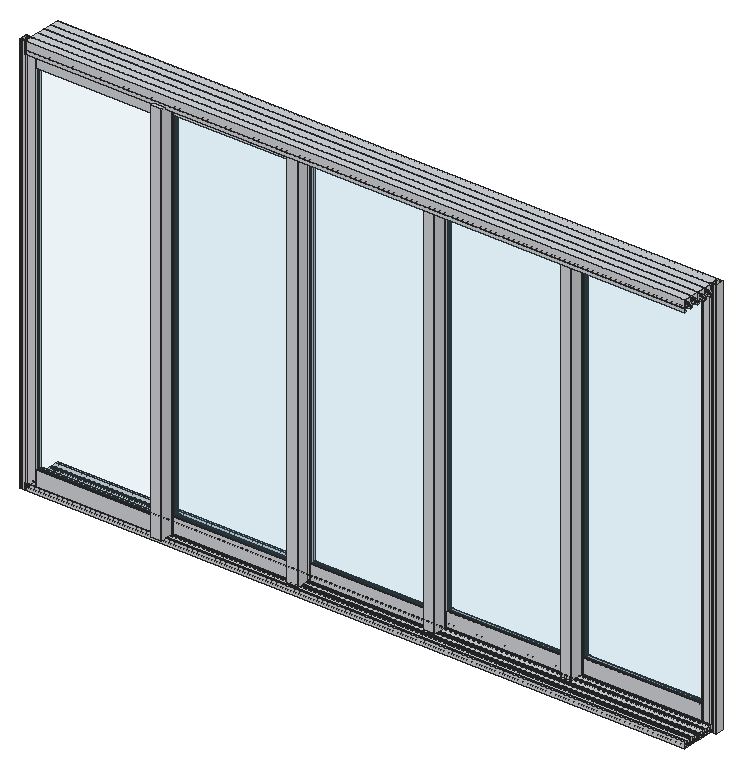
Revit family "MT-HB_SLIDING DOOR_XXXXX", category Doors, host Wall, Revit 2017 (continued)
Definition of nested family "HB_SLIDING_GLAZED PANEL_XXX"
  Definition of nested family "DETAIL_HB107_SGL_MEDIUM INTERLOCK"
    Lines and regions (mm)
      detail lines, in view "Ref. Level"
        curve 16: arc (13.42, 36.55, 0) -> (13.632, 36.462, 0) -> (13.72, 36.25, 0) r 0.3
        curve 17: arc (13.72, 33.254, 0) -> (13.427, 32.547, 0) -> (12.72, 32.254, 0) r 1
        curve 18: arc (2.5, 31.254, 0) -> (2.793, 31.962, 0) -> (3.5, 32.254, 0) r 1
        curve 19: arc (3.5, 22.5, 0) -> (2.793, 22.793, 0) -> (2.5, 23.5, 0) r 1
        curve 20: arc (27.976, 23, 0) -> (27.829, 22.646, 0) -> (27.476, 22.5, 0) r 0.5
        curve 21: arc (27.976, 31.1, 0) -> (28.708, 32.868, 0) -> (30.476, 33.6, 0) r 2.5
        curve 22: arc (42.407, 33.6, 0) -> (43.276, 32.79, 0) -> (42.528, 31.867, 0) r 0.871
        curve 23: arc (30.476, 29.303, 0) -> (30.721, 29.959, 0) -> (31.336, 30.294, 0) r 1
        curve 24: arc (30.976, 22.5, 0) -> (30.622, 22.646, 0) -> (30.476, 23, 0) r 0.5
        curve 25: arc (74.8, 22.5, 0) -> (74.941, 22.441, 0) -> (75, 22.3, 0) r 0.2
        curve 26: arc (75, 13.1, 0) -> (74.883, 12.817, 0) -> (74.6, 12.7, 0) r 0.4
        curve 27: arc (73.4, 12.2, 0) -> (73.546, 12.554, 0) -> (73.9, 12.7, 0) r 0.5
        curve 28: arc (73.4, 9.9, 0) -> (73.283, 9.617, 0) -> (73, 9.5, 0) r 0.4
        curve 29: arc (71.3, 9.5, 0) -> (71.159, 9.559, 0) -> (71.1, 9.7, 0) r 0.2
        curve 30: arc (71.1, 10.1, 0) -> (71.159, 10.241, 0) -> (71.3, 10.3, 0) r 0.2
        curve 31: arc (72.205, 10.5, 0) -> (72.146, 10.359, 0) -> (72.005, 10.3, 0) r 0.2
        curve 32: arc (72.073, 11.479, 0) -> (72.169, 11.406, 0) -> (72.205, 11.291, 0) r 0.2
        curve 33: arc (66.937, 11.483, 0) -> (69.505, 11.93, 0) -> (72.073, 11.479, 0) r 7.567
        curve 34: arc (66.805, 11.295, 0) -> (66.841, 11.41, 0) -> (66.937, 11.483, 0) r 0.2
        curve 35: arc (67.005, 10.3, 0) -> (66.864, 10.359, 0) -> (66.805, 10.5, 0) r 0.2
        curve 36: arc (67.7, 10.3, 0) -> (67.841, 10.241, 0) -> (67.9, 10.1, 0) r 0.2
        curve 37: arc (67.9, 9.7, 0) -> (67.841, 9.559, 0) -> (67.7, 9.5, 0) r 0.2
        curve 38: arc (65.139, 9.5, 0) -> (64.986, 9.571, 0) -> (64.942, 9.735, 0) r 0.2
        curve 39: arc (65.483, 12.804, 0) -> (65.585, 13.029, 0) -> (65.782, 13.178, 0) r 0.5
        curve 40: arc (65.782, 13.178, 0) -> (68.244, 13.847, 0) -> (70.797, 13.842, 0) r 9.567
        curve 41: arc (72.5, 15.328, 0) -> (71.986, 14.198, 0) -> (70.797, 13.842, 0) r 1.5
        curve 42: arc (71.5, 20, 0) -> (72.207, 19.707, 0) -> (72.5, 19, 0) r 1
        curve 43: arc (50, 19, 0) -> (50.293, 19.707, 0) -> (51, 20, 0) r 1
        curve 44: arc (51, -20, 0) -> (50.293, -19.707, 0) -> (50, -19, 0) r 1
        curve 45: arc (72.5, -19, 0) -> (72.207, -19.707, 0) -> (71.5, -20, 0) r 1
        curve 46: arc (70.797, -13.842, 0) -> (71.986, -14.198, 0) -> (72.5, -15.328, 0) r 1.5
        curve 47: arc (70.797, -13.842, 0) -> (68.244, -13.847, 0) -> (65.782, -13.178, 0) r 9.567
        curve 48: arc (65.782, -13.178, 0) -> (65.585, -13.029, 0) -> (65.483, -12.804, 0) r 0.5
        curve 49: arc (64.942, -9.735, 0) -> (64.986, -9.571, 0) -> (65.139, -9.5, 0) r 0.2
        curve 50: arc (67.7, -9.5, 0) -> (67.841, -9.559, 0) -> (67.9, -9.7, 0) r 0.2
        curve 51: arc (67.9, -10.1, 0) -> (67.841, -10.241, 0) -> (67.7, -10.3, 0) r 0.2
        curve 52: arc (36.988, 20, 0) -> (37.138, 19.96, 0) -> (37.248, 19.85, 0) r 0.3
        curve 53: arc (37.508, 19.7, 0) -> (37.358, 19.74, 0) -> (37.248, 19.85, 0) r 0.3
        curve 54: arc (38.988, 20, 0) -> (38.9, 19.788, 0) -> (38.688, 19.7, 0) r 0.3
        curve 55: arc (38.988, 20, 0) -> (39.076, 20.212, 0) -> (39.288, 20.3, 0) r 0.3
        curve 56: arc (40.468, 20.3, 0) -> (40.618, 20.26, 0) -> (40.728, 20.15, 0) r 0.3
        curve 57: arc (40.988, 20, 0) -> (40.838, 20.04, 0) -> (40.728, 20.15, 0) r 0.3
        curve 58: arc (46.5, 20, 0) -> (47.207, 19.707, 0) -> (47.5, 19, 0) r 1
        curve 59: arc (47.5, -19, 0) -> (47.207, -19.707, 0) -> (46.5, -20, 0) r 1
        curve 60: arc (3.5, -20, 0) -> (2.793, -19.707, 0) -> (2.5, -19, 0) r 1
        curve 61: arc (2.5, 19, 0) -> (2.793, 19.707, 0) -> (3.5, 20, 0) r 1
        curve 62: arc (72.5, -56.5, 0) -> (72.207, -57.207, 0) -> (71.5, -57.5, 0) r 1
        curve 63: arc (3.5, -57.5, 0) -> (2.793, -57.207, 0) -> (2.5, -56.5, 0) r 1
        curve 64: arc (2.5, -23.5, 0) -> (2.793, -22.793, 0) -> (3.5, -22.5, 0) r 1
        curve 65: line (66.805, -10.5, 0) -> (66.805, -11.295, 0)
        curve 66: line (72.205, -11.291, 0) -> (72.205, -10.5, 0)
        curve 67: line (72.005, -10.3, 0) -> (71.3, -10.3, 0)
        curve 68: line (71.1, -10.1, 0) -> (71.1, -9.7, 0)
        curve 69: line (71.3, -9.5, 0) -> (73, -9.5, 0)
        curve 70: line (73.4, -9.9, 0) -> (73.4, -12.2, 0)
        curve 71: line (73.9, -12.7, 0) -> (74.6, -12.7, 0)
        curve 72: line (75, -13.1, 0) -> (75, -59, 0)
        curve 73: line (71.5, -62.5, 0) -> (3.5, -62.5, 0)
        curve 74: line (0, -59, 0) -> (0, 33.55, 0)
        curve 75: line (3, 36.55, 0) -> (5.67, 36.55, 0)
        curve 76: line (5.67, 35.55, 0) -> (4.72, 35.55, 0)
        curve 77: line (4.72, 35.55, 0) -> (4.72, 34.25, 0)
        curve 78: line (4.72, 34.25, 0) -> (12.22, 34.25, 0)
        curve 79: line (12.22, 34.25, 0) -> (12.22, 35.55, 0)
        curve 80: line (12.22, 35.55, 0) -> (11.27, 35.55, 0)
        curve 81: line (11.27, 36.55, 0) -> (13.42, 36.55, 0)
        curve 82: line (13.72, 36.25, 0) -> (13.72, 33.254, 0)
        curve 83: line (12.72, 32.254, 0) -> (3.5, 32.254, 0)
        curve 84: line (2.5, 31.254, 0) -> (2.5, 23.5, 0)
        curve 85: line (3.5, 22.5, 0) -> (27.476, 22.5, 0)
        curve 86: line (27.976, 23, 0) -> (27.976, 31.1, 0)
        curve 87: line (30.476, 33.6, 0) -> (42.407, 33.6, 0)
        curve 88: line (42.528, 31.867, 0) -> (31.336, 30.294, 0)
        curve 89: line (30.476, 29.303, 0) -> (30.476, 23, 0)
        curve 90: line (30.976, 22.5, 0) -> (74.8, 22.5, 0)
        curve 91: line (75, 22.3, 0) -> (75, 13.1, 0)
        curve 92: line (74.6, 12.7, 0) -> (73.9, 12.7, 0)
        curve 93: line (73.4, 12.2, 0) -> (73.4, 9.9, 0)
        curve 94: line (73, 9.5, 0) -> (71.3, 9.5, 0)
        curve 95: line (71.1, 9.7, 0) -> (71.1, 10.1, 0)
        curve 96: line (71.3, 10.3, 0) -> (72.005, 10.3, 0)
        curve 97: line (72.205, 10.5, 0) -> (72.205, 11.291, 0)
        curve 98: line (66.805, 11.295, 0) -> (66.805, 10.5, 0)
        curve 99: line (67.005, 10.3, 0) -> (67.7, 10.3, 0)
        curve 100: line (67.9, 10.1, 0) -> (67.9, 9.7, 0)
        curve 101: line (67.7, 9.5, 0) -> (65.139, 9.5, 0)
        curve 102: line (64.942, 9.735, 0) -> (65.483, 12.804, 0)
        curve 103: line (72.5, 15.328, 0) -> (72.5, 19, 0)
        curve 104: line (71.5, 20, 0) -> (51, 20, 0)
        curve 105: line (50, 19, 0) -> (50, 0.383, 0)
        curve 106: line (50, 0.383, 0) -> (49.7, 0, 0)
        curve 107: line (49.7, 0, 0) -> (49.941, -0.241, 0)
        curve 108: line (49.941, -0.241, 0) -> (50, -19, 0)
        curve 109: line (51, -20, 0) -> (71.5, -20, 0)
        curve 110: line (72.5, -19, 0) -> (72.5, -15.328, 0)
        curve 111: line (65.483, -12.804, 0) -> (64.942, -9.735, 0)
        curve 112: line (65.139, -9.5, 0) -> (67.7, -9.5, 0)
        curve 113: line (67.9, -9.7, 0) -> (67.9, -10.1, 0)
        curve 114: line (67.7, -10.3, 0) -> (67.005, -10.3, 0)
        curve 115: line (38.688, 19.7, 0) -> (37.508, 19.7, 0)
        curve 116: line (40.468, 20.3, 0) -> (39.288, 20.3, 0)
        curve 117: line (46.5, 20, 0) -> (40.988, 20, 0)
        curve 118: line (47.5, -19, 0) -> (47.5, 19, 0)
        curve 119: line (3.5, -20, 0) -> (46.5, -20, 0)
        curve 120: line (2.5, 19, 0) -> (2.5, -19, 0)
        curve 121: line (36.988, 20, 0) -> (3.5, 20, 0)
        curve 122: line (72.5, -56.5, 0) -> (72.5, -23.5, 0)
        curve 123: line (3.5, -57.5, 0) -> (71.5, -57.5, 0)
        curve 124: line (2.5, -23.5, 0) -> (2.5, -56.5, 0)
        curve 125: line (71.5, -22.5, 0) -> (3.5, -22.5, 0)
        curve 126: arc (71.5, -22.5, 0) -> (72.207, -22.793, 0) -> (72.5, -23.5, 0) r 1
Definition of nested family "WARNING TAG"
  Parameters (values of type "WARNING TAG")
    MAX.WIDTH [instance] = 0 mm
    MAX.HEIGHT [instance] = 0 mm
  Reference planes
    plane 1: y = 0
    plane 2: x = 0
  Lines and regions (mm)
    detail lines
      curve 1: line (-28.489, 9.808, 0) -> (29.081, 9.808, 0)
      curve 2: line (-28.489, -1.13, 0) -> (-28.489, 9.808, 0)
      curve 3: line (29.081, -1.13, 0) -> (-28.489, -1.13, 0)
      curve 4: line (29.081, 9.808, 0) -> (29.081, -1.13, 0)
  Text (mm)
    label "Max.Width: 1200 mm" at (-3.208, 1.264, 0), shows "MAX.WIDTH"
    label "Max.Height: 1190 mm" at (3.026, 1.264, 0), shows "MAX.HEIGHT"
    text "x" at (0.137, 2.462, 0)
    text "Maximum Recommended Panel Sizes:" at (0.137, 8.414, 0)
Definition of nested family "DETAIL_HB_HEAD FRAME"
  Reference planes
    plane 1 "Center (Front/Back)": y = 0
    plane 2: z = 0
    plane 3 "Center (Left/Right)": x = 0
  Lines and regions (mm)
    model lines, in view "Ref. Level"
      curve 1: arc (11.5, -48, 0) -> (11.793, -48.707, 0) -> (12.5, -49, 0) r 1
      curve 2: arc (18.5, -49, 0) -> (18.65, -48.96, 0) -> (18.76, -48.85, 0) r 0.3
      curve 3: arc (18.76, -48.85, 0) -> (18.87, -48.74, 0) -> (19.02, -48.7, 0) r 0.3
      curve 4: arc (20.2, -48.7, 0) -> (20.412, -48.788, 0) -> (20.5, -49, 0) r 0.3
      curve 5: arc (20.5, -49, 0) -> (20.588, -49.212, 0) -> (20.8, -49.3, 0) r 0.3
      curve 6: arc (21.98, -49.3, 0) -> (22.13, -49.26, 0) -> (22.24, -49.15, 0) r 0.3
      curve 7: arc (22.24, -49.15, 0) -> (22.35, -49.04, 0) -> (22.5, -49, 0) r 0.3
      curve 8: arc (28.5, -49, 0) -> (28.854, -49.146, 0) -> (29, -49.5, 0) r 0.5
      curve 9: arc (29, -55.2, 0) -> (28.854, -55.554, 0) -> (28.5, -55.7, 0) r 0.5
      curve 10: arc (14.3, -55.7, 0) -> (13.946, -55.846, 0) -> (13.8, -56.2, 0) r 0.5
      curve 11: arc (13.8, -58.7, 0) -> (13.946, -59.054, 0) -> (14.3, -59.2, 0) r 0.5
      curve 12: arc (15.3, -59.2, 0) -> (15.654, -59.054, 0) -> (15.8, -58.7, 0) r 0.5
      curve 13: arc (15.8, -57.95, 0) -> (15.623, -57.523, 0) -> (16.05, -57.7, 0) r 0.25
      curve 14: arc (30.5, -57.7, 0) -> (30.854, -57.554, 0) -> (31, -57.2, 0) r 0.5
      curve 15: arc (31, -0.5, 0) -> (30.854, -0.146, 0) -> (30.5, 0, 0) r 0.5
      curve 16: arc (28.5, 0, 0) -> (28.146, -0.146, 0) -> (28, -0.5, 0) r 0.5
      curve 17: arc (28, -0.5, 0) -> (27.854, -0.854, 0) -> (27.5, -1, 0) r 0.5
      curve 18: arc (17.207, -1, 0) -> (17.016, -0.962, 0) -> (16.854, -0.854, 0) r 0.5
      curve 19: arc (16.146, -0.146, 0) -> (15.984, -0.038, 0) -> (15.793, 0, 0) r 0.5
      curve 20: arc (-15.793, 0, 0) -> (-15.984, -0.038, 0) -> (-16.146, -0.146, 0) r 0.5
      curve 21: arc (-16.854, -0.854, 0) -> (-17.016, -0.962, 0) -> (-17.207, -1, 0) r 0.5
      curve 22: arc (-27.5, -1, 0) -> (-27.854, -0.854, 0) -> (-28, -0.5, 0) r 0.5
      curve 23: arc (-28, -0.5, 0) -> (-28.146, -0.146, 0) -> (-28.5, 0, 0) r 0.5
      curve 24: arc (-30.5, 0, 0) -> (-30.854, -0.146, 0) -> (-31, -0.5, 0) r 0.5
      curve 25: arc (-31, -57.2, 0) -> (-30.854, -57.554, 0) -> (-30.5, -57.7, 0) r 0.5
      curve 26: arc (-16.05, -57.7, 0) -> (-15.623, -57.523, 0) -> (-15.8, -57.95, 0) r 0.25
      curve 27: arc (-15.8, -58.7, 0) -> (-15.654, -59.054, 0) -> (-15.3, -59.2, 0) r 0.5
      curve 28: arc (-14.3, -59.2, 0) -> (-13.946, -59.054, 0) -> (-13.8, -58.7, 0) r 0.5
      curve 29: arc (-13.8, -56.2, 0) -> (-13.946, -55.846, 0) -> (-14.3, -55.7, 0) r 0.5
      curve 30: arc (-28.5, -55.7, 0) -> (-28.854, -55.554, 0) -> (-29, -55.2, 0) r 0.5
      curve 31: arc (-29, -49.5, 0) -> (-28.854, -49.146, 0) -> (-28.5, -49, 0) r 0.5
      curve 32: arc (-12.5, -49, 0) -> (-11.793, -48.707, 0) -> (-11.5, -48, 0) r 1
      curve 33: arc (-11.5, -42.5, 0) -> (-11.793, -41.793, 0) -> (-12.5, -41.5, 0) r 1
      curve 34: arc (-13, -41.5, 0) -> (-13.707, -41.793, 0) -> (-14, -42.5, 0) r 1
      curve 35: arc (-14, -44.059, 0) -> (-14.243, -44.712, 0) -> (-14.854, -45.048, 0) r 1
      curve 36: arc (-14.854, -45.048, 0) -> (-21.207, -45.499, 0) -> (-27.556, -44.985, 0) r 42
      curve 37: arc (-27.556, -44.985, 0) -> (-28.16, -44.647, 0) -> (-28.4, -43.997, 0) r 1
      curve 38: arc (-28.4, -6, 0) -> (-27.814, -4.586, 0) -> (-26.4, -4, 0) r 2
      curve 39: arc (26.4, -4, 0) -> (27.814, -4.586, 0) -> (28.4, -6, 0) r 2
      curve 40: arc (28.4, -43.997, 0) -> (28.16, -44.647, 0) -> (27.556, -44.985, 0) r 1
      curve 41: arc (27.556, -44.985, 0) -> (21.207, -45.499, 0) -> (14.854, -45.048, 0) r 42
      curve 42: arc (14.854, -45.048, 0) -> (14.243, -44.712, 0) -> (14, -44.059, 0) r 1
      curve 43: arc (14, -42.5, 0) -> (13.707, -41.793, 0) -> (13, -41.5, 0) r 1
      curve 44: arc (12.5, -41.5, 0) -> (11.793, -41.793, 0) -> (11.5, -42.5, 0) r 1
      curve 45: line (12.5, -49, 0) -> (18.5, -49, 0)
      curve 46: line (19.02, -48.7, 0) -> (20.2, -48.7, 0)
      curve 47: line (20.8, -49.3, 0) -> (21.98, -49.3, 0)
      curve 48: line (22.5, -49, 0) -> (28.5, -49, 0)
      curve 49: line (29, -49.5, 0) -> (29, -55.2, 0)
      curve 50: line (28.5, -55.7, 0) -> (14.3, -55.7, 0)
      curve 51: line (13.8, -56.2, 0) -> (13.8, -58.7, 0)
      curve 52: line (14.3, -59.2, 0) -> (15.3, -59.2, 0)
      curve 53: line (15.8, -58.7, 0) -> (15.8, -57.95, 0)
      curve 54: line (16.05, -57.7, 0) -> (30.5, -57.7, 0)
      curve 55: line (31, -57.2, 0) -> (31, -0.5, 0)
      curve 56: line (30.5, 0, 0) -> (28.5, 0, 0)
      curve 57: line (27.5, -1, 0) -> (17.207, -1, 0)
      curve 58: line (16.854, -0.854, 0) -> (16.146, -0.146, 0)
      curve 59: line (15.793, 0, 0) -> (11.6, 0, 0)
      curve 60: line (11.6, 0, 0) -> (11.2, -0.4, 0)
      curve 61: line (11.2, -0.4, 0) -> (10.8, -0.4, 0)
      curve 62: line (10.8, -0.4, 0) -> (10.4, 0, 0)
      curve 63: line (10.4, 0, 0) -> (-10.4, 0, 0)
      curve 64: line (-10.4, 0, 0) -> (-10.8, -0.4, 0)
      curve 65: line (-10.8, -0.4, 0) -> (-11.2, -0.4, 0)
      curve 66: line (-11.2, -0.4, 0) -> (-11.6, 0, 0)
      curve 67: line (-11.6, 0, 0) -> (-15.793, 0, 0)
      curve 68: line (-16.146, -0.146, 0) -> (-16.854, -0.854, 0)
      curve 69: line (-17.207, -1, 0) -> (-27.5, -1, 0)
      curve 70: line (-28.5, 0, 0) -> (-30.5, 0, 0)
      curve 71: line (-31, -0.5, 0) -> (-31, -57.2, 0)
      curve 72: line (-30.5, -57.7, 0) -> (-16.05, -57.7, 0)
      curve 73: line (-15.8, -57.95, 0) -> (-15.8, -58.7, 0)
      curve 74: line (-15.3, -59.2, 0) -> (-14.3, -59.2, 0)
      curve 75: line (-13.8, -58.7, 0) -> (-13.8, -56.2, 0)
      curve 76: line (-14.3, -55.7, 0) -> (-28.5, -55.7, 0)
      curve 77: line (-29, -55.2, 0) -> (-29, -49.5, 0)
      curve 78: line (-28.5, -49, 0) -> (-12.5, -49, 0)
      curve 79: line (-11.5, -48, 0) -> (-11.5, -42.5, 0)
      curve 80: line (-12.5, -41.5, 0) -> (-13, -41.5, 0)
      curve 81: line (-14, -42.5, 0) -> (-14, -44.059, 0)
      curve 82: line (-28.4, -43.997, 0) -> (-28.4, -6, 0)
      curve 83: line (-26.4, -4, 0) -> (-13.171, -4, 0)
      curve 84: line (-13.171, -4, 0) -> (-10.828, -3.587, 0)
      curve 85: line (-10.828, -3.587, 0) -> (-10.422, -3.008, 0)
      curve 86: line (-10.422, -3.008, 0) -> (-10.029, -2.938, 0)
      curve 87: line (-10.029, -2.938, 0) -> (-9.449, -3.344, 0)
      curve 88: line (-9.449, -3.344, 0) -> (-7.5, -3, 0)
      curve 89: line (-7.5, -3, 0) -> (7.5, -3, 0)
      curve 90: line (7.5, -3, 0) -> (9.449, -3.344, 0)
      curve 91: line (9.449, -3.344, 0) -> (10.029, -2.938, 0)
      curve 92: line (10.029, -2.938, 0) -> (10.422, -3.008, 0)
      curve 93: line (10.422, -3.008, 0) -> (10.828, -3.587, 0)
      curve 94: line (10.828, -3.587, 0) -> (13.171, -4, 0)
      curve 95: line (13.171, -4, 0) -> (26.4, -4, 0)
      curve 96: line (28.4, -6, 0) -> (28.4, -43.997, 0)
      curve 97: line (14, -44.059, 0) -> (14, -42.5, 0)
      curve 98: line (13, -41.5, 0) -> (12.5, -41.5, 0)
      curve 99: line (11.5, -42.5, 0) -> (11.5, -48, 0)
      curve 100: arc (28.85, -77.809, 0) -> (28.96, -77.699, 0) -> (29, -77.549, 0) r 0.3
      curve 101: arc (26.604, -76.749, 0) -> (26.104, -77.249, 0) -> (25.604, -76.749, 0) r 0.5
      curve 102: arc (25.604, -75.299, 0) -> (25.897, -74.592, 0) -> (26.604, -74.299, 0) r 1
      curve 103: arc (28.5, -74.299, 0) -> (28.854, -74.152, 0) -> (29, -73.799, 0) r 0.5
      curve 104: arc (29, -60.2, 0) -> (28.854, -59.846, 0) -> (28.5, -59.7, 0) r 0.5
      curve 105: arc (16.5, -59.7, 0) -> (16.146, -59.554, 0) -> (16, -59.2, 0) r 0.5
      curve 106: arc (16, -58.2, 0) -> (16.146, -57.846, 0) -> (16.5, -57.7, 0) r 0.5
      curve 107: arc (30.5, -57.7, 0) -> (30.854, -57.846, 0) -> (31, -58.2, 0) r 0.5
      curve 108: arc (31, -84.499, 0) -> (30.912, -84.711, 0) -> (30.7, -84.799, 0) r 0.3
      curve 109: arc (25.904, -84.799, 0) -> (25.692, -84.711, 0) -> (25.604, -84.499, 0) r 0.3
      curve 110: arc (25.604, -82.349, 0) -> (26.104, -81.849, 0) -> (26.604, -82.349, 0) r 0.5
      curve 111: arc (29, -81.549, 0) -> (29.04, -81.399, 0) -> (29.15, -81.289, 0) r 0.3
      curve 112: arc (29.15, -81.289, 0) -> (29.26, -81.179, 0) -> (29.3, -81.029, 0) r 0.3
      curve 113: arc (29.3, -79.849, 0) -> (29.212, -79.637, 0) -> (29, -79.549, 0) r 0.3
      curve 114: arc (29, -79.549, 0) -> (28.788, -79.461, 0) -> (28.7, -79.249, 0) r 0.3
      curve 115: line (29, -77.549, 0) -> (29, -77.249, 0)
      curve 116: line (29, -77.249, 0) -> (27.904, -77.249, 0)
      curve 117: line (27.904, -77.249, 0) -> (27.904, -75.799, 0)
      curve 118: line (27.904, -75.799, 0) -> (26.604, -75.799, 0)
      curve 119: line (26.604, -75.799, 0) -> (26.604, -76.749, 0)
      curve 120: line (25.604, -76.749, 0) -> (25.604, -75.299, 0)
      curve 121: line (26.604, -74.299, 0) -> (28.5, -74.299, 0)
      curve 122: line (29, -73.799, 0) -> (29, -60.2, 0)
      curve 123: line (28.5, -59.7, 0) -> (20.238, -59.7, 0)
      curve 124: line (20.238, -59.7, 0) -> (19.938, -59.4, 0)
      curve 125: line (19.938, -59.4, 0) -> (19.638, -59.7, 0)
      curve 126: line (19.638, -59.7, 0) -> (16.5, -59.7, 0)
      curve 127: line (16, -59.2, 0) -> (16, -58.2, 0)
      curve 128: line (16.5, -57.7, 0) -> (30.5, -57.7, 0)
      curve 129: line (31, -58.2, 0) -> (31, -84.499, 0)
      curve 130: line (30.7, -84.799, 0) -> (25.904, -84.799, 0)
      curve 131: line (25.604, -84.499, 0) -> (25.604, -82.349, 0)
      curve 132: line (26.604, -82.349, 0) -> (26.604, -83.299, 0)
      curve 133: line (26.604, -83.299, 0) -> (27.904, -83.299, 0)
      curve 134: line (27.904, -83.299, 0) -> (27.904, -81.849, 0)
      curve 135: line (27.904, -81.849, 0) -> (29, -81.849, 0)
      curve 136: line (29, -81.849, 0) -> (29, -81.549, 0)
      curve 137: line (29.3, -81.029, 0) -> (29.3, -79.849, 0)
      curve 138: line (28.7, -79.249, 0) -> (28.7, -78.069, 0)
      curve 139: arc (28.7, -78.069, 0) -> (28.74, -77.919, 0) -> (28.85, -77.809, 0) r 0.3
      curve 140: arc (-28.85, -77.809, 0) -> (-28.96, -77.699, 0) -> (-29, -77.549, 0) r 0.3
      curve 141: arc (-26.604, -76.749, 0) -> (-26.104, -77.249, 0) -> (-25.604, -76.749, 0) r 0.5
      curve 142: arc (-25.604, -75.299, 0) -> (-25.897, -74.592, 0) -> (-26.604, -74.299, 0) r 1
      curve 143: arc (-28.5, -74.299, 0) -> (-28.854, -74.152, 0) -> (-29, -73.799, 0) r 0.5
      curve 144: arc (-29, -60.2, 0) -> (-28.854, -59.846, 0) -> (-28.5, -59.7, 0) r 0.5
      curve 145: arc (-16.5, -59.7, 0) -> (-16.146, -59.554, 0) -> (-16, -59.2, 0) r 0.5
      curve 146: arc (-16, -58.2, 0) -> (-16.146, -57.846, 0) -> (-16.5, -57.7, 0) r 0.5
      curve 147: arc (-30.5, -57.7, 0) -> (-30.854, -57.846, 0) -> (-31, -58.2, 0) r 0.5
      curve 148: arc (-31, -84.499, 0) -> (-30.912, -84.711, 0) -> (-30.7, -84.799, 0) r 0.3
      curve 149: arc (-25.904, -84.799, 0) -> (-25.692, -84.711, 0) -> (-25.604, -84.499, 0) r 0.3
      curve 150: arc (-25.604, -82.349, 0) -> (-26.104, -81.849, 0) -> (-26.604, -82.349, 0) r 0.5
      curve 151: arc (-29, -81.549, 0) -> (-29.04, -81.399, 0) -> (-29.15, -81.289, 0) r 0.3
      curve 152: arc (-29.15, -81.289, 0) -> (-29.26, -81.179, 0) -> (-29.3, -81.029, 0) r 0.3
      curve 153: arc (-29.3, -79.849, 0) -> (-29.212, -79.637, 0) -> (-29, -79.549, 0) r 0.3
      curve 154: arc (-29, -79.549, 0) -> (-28.788, -79.461, 0) -> (-28.7, -79.249, 0) r 0.3
      curve 155: line (-29, -77.549, 0) -> (-29, -77.249, 0)
      curve 156: line (-29, -77.249, 0) -> (-27.904, -77.249, 0)
      curve 157: line (-27.904, -77.249, 0) -> (-27.904, -75.799, 0)
      curve 158: line (-27.904, -75.799, 0) -> (-26.604, -75.799, 0)
      curve 159: line (-26.604, -75.799, 0) -> (-26.604, -76.749, 0)
      curve 160: line (-25.604, -76.749, 0) -> (-25.604, -75.299, 0)
      curve 161: line (-26.604, -74.299, 0) -> (-28.5, -74.299, 0)
      curve 162: line (-29, -73.799, 0) -> (-29, -60.2, 0)
      curve 163: line (-28.5, -59.7, 0) -> (-20.238, -59.7, 0)
      curve 164: line (-20.238, -59.7, 0) -> (-19.938, -59.4, 0)
      curve 165: line (-19.938, -59.4, 0) -> (-19.638, -59.7, 0)
      curve 166: line (-19.638, -59.7, 0) -> (-16.5, -59.7, 0)
      curve 167: line (-16, -59.2, 0) -> (-16, -58.2, 0)
      curve 168: line (-16.5, -57.7, 0) -> (-30.5, -57.7, 0)
      curve 169: line (-31, -58.2, 0) -> (-31, -84.499, 0)
      curve 170: line (-30.7, -84.799, 0) -> (-25.904, -84.799, 0)
      curve 171: line (-25.604, -84.499, 0) -> (-25.604, -82.349, 0)
      curve 172: line (-26.604, -82.349, 0) -> (-26.604, -83.299, 0)
      curve 173: line (-26.604, -83.299, 0) -> (-27.904, -83.299, 0)
      curve 174: line (-27.904, -83.299, 0) -> (-27.904, -81.849, 0)
      curve 175: line (-27.904, -81.849, 0) -> (-29, -81.849, 0)
      curve 176: line (-29, -81.849, 0) -> (-29, -81.549, 0)
      curve 177: line (-29.3, -81.029, 0) -> (-29.3, -79.849, 0)
      curve 178: line (-28.7, -79.249, 0) -> (-28.7, -78.069, 0)
      curve 179: arc (-28.7, -78.069, 0) -> (-28.74, -77.919, 0) -> (-28.85, -77.809, 0) r 0.3
Definition of nested family "DETAIL_HB_MAIN FRAME"
  Reference planes
    plane 1 "Center (Front/Back)": y = 0
    plane 2: z = 0
    plane 3 "Center (Left/Right)": x = 0
  Lines and regions (mm)
    Masking region 1, in view "Ref. Level", detail levels coarse
      outline origin (0, 0, 0) x (1, 0, 0) y (0, 1, 0)
        loop
          line (46.5, 30) -> (0, 30) -> (0, -30) -> (46.5, -30) -> (46.5, -25.6) -> (34.5, -25.6) -> (34.5, 25.6) -> (46.5, 25.6) -> (46.5, 30)
    model lines, in view "Ref. Level", detail levels medium+fine
      curve 1: arc (33.4, 20.05, 0) -> (33.95, 19.5, 0) -> (34.5, 20.05, 0) r 0.55
      curve 2: arc (34.5, 22.2, 0) -> (34.412, 22.412, 0) -> (34.2, 22.5, 0) r 0.3
      curve 3: arc (32.1, 26.7, 0) -> (32.393, 27.407, 0) -> (33.1, 27.7, 0) r 1
      curve 4: arc (36, 25.9, 0) -> (36.088, 25.688, 0) -> (36.3, 25.6, 0) r 0.3
      curve 5: arc (38.45, 25.6, 0) -> (39, 26.15, 0) -> (38.45, 26.7, 0) r 0.55
      curve 6: arc (44.05, 26.7, 0) -> (43.5, 26.15, 0) -> (44.05, 25.6, 0) r 0.55
      curve 7: arc (46.2, 25.6, 0) -> (46.412, 25.688, 0) -> (46.5, 25.9, 0) r 0.3
      curve 8: arc (46.5, 29.7, 0) -> (46.412, 29.912, 0) -> (46.2, 30, 0) r 0.3
      curve 9: arc (1.8, 30, 0) -> (1.588, 29.912, 0) -> (1.5, 29.7, 0) r 0.3
      curve 10: arc (1.5, 25.9, 0) -> (1.588, 25.688, 0) -> (1.8, 25.6, 0) r 0.3
      curve 11: arc (3.95, 25.6, 0) -> (4.5, 26.15, 0) -> (3.95, 26.7, 0) r 0.55
      curve 12: arc (9.55, 26.7, 0) -> (9, 26.15, 0) -> (9.55, 25.6, 0) r 0.55
      curve 13: arc (11.7, 25.6, 0) -> (11.912, 25.688, 0) -> (12, 25.9, 0) r 0.3
      curve 14: arc (28.8, 27.7, 0) -> (29.507, 27.407, 0) -> (29.8, 26.7, 0) r 1
      curve 15: arc (29.8, 12.2, 0) -> (30.093, 11.493, 0) -> (30.8, 11.2, 0) r 1
      curve 16: arc (30.8, -11.2, 0) -> (30.093, -11.493, 0) -> (29.8, -12.2, 0) r 1
      curve 17: arc (29.8, -26.7, 0) -> (29.507, -27.407, 0) -> (28.8, -27.7, 0) r 1
      curve 18: arc (12, -25.9, 0) -> (11.912, -25.688, 0) -> (11.7, -25.6, 0) r 0.3
      curve 19: arc (9.55, -25.6, 0) -> (9, -26.15, 0) -> (9.55, -26.7, 0) r 0.55
      curve 20: arc (3.95, -26.7, 0) -> (4.5, -26.15, 0) -> (3.95, -25.6, 0) r 0.55
      curve 21: arc (1.8, -25.6, 0) -> (1.588, -25.688, 0) -> (1.5, -25.9, 0) r 0.3
      curve 22: arc (1.5, -29.7, 0) -> (1.588, -29.912, 0) -> (1.8, -30, 0) r 0.3
      curve 23: arc (46.2, -30, 0) -> (46.412, -29.912, 0) -> (46.5, -29.7, 0) r 0.3
      curve 24: arc (46.5, -25.9, 0) -> (46.412, -25.688, 0) -> (46.2, -25.6, 0) r 0.3
      curve 25: arc (44.05, -25.6, 0) -> (43.5, -26.15, 0) -> (44.05, -26.7, 0) r 0.55
      curve 26: arc (38.45, -26.7, 0) -> (39, -26.15, 0) -> (38.45, -25.6, 0) r 0.55
      curve 27: arc (36.3, -25.6, 0) -> (36.088, -25.688, 0) -> (36, -25.9, 0) r 0.3
      curve 28: arc (33.1, -27.7, 0) -> (32.393, -27.407, 0) -> (32.1, -26.7, 0) r 1
      curve 29: arc (34.2, -22.5, 0) -> (34.412, -22.412, 0) -> (34.5, -22.2, 0) r 0.3
      curve 30: arc (34.5, -20.05, 0) -> (33.95, -19.5, 0) -> (33.4, -20.05, 0) r 0.55
      curve 31: arc (33.4, -14.45, 0) -> (33.95, -15, 0) -> (34.5, -14.45, 0) r 0.55
      curve 32: arc (34.5, -0.524, 0) -> (34.477, -0.409, 0) -> (34.412, -0.312, 0) r 0.3
      curve 33: arc (34.412, 0.312, 0) -> (34.477, 0.409, 0) -> (34.5, 0.524, 0) r 0.3
      curve 34: arc (34.5, 14.45, 0) -> (33.95, 15, 0) -> (33.4, 14.45, 0) r 0.55
      curve 35: arc (14.608, 25.233, 0) -> (14.841, 24.671, 0) -> (14.358, 24.3, 0) r 0.5
      curve 36: arc (14.358, -24.3, 0) -> (14.841, -24.671, 0) -> (14.608, -25.233, 0) r 0.5
      curve 37: arc (12.749, -26.306, 0) -> (12.449, -26.306, 0) -> (12.299, -26.046, 0) r 0.3
      curve 38: line (33.4, 14.45, 0) -> (33.4, 13.5, 0)
      curve 39: line (33.4, 13.5, 0) -> (32.1, 13.5, 0)
      curve 40: line (32.1, 13.5, 0) -> (32.1, 21, 0)
      curve 41: line (32.1, 21, 0) -> (33.4, 21, 0)
      curve 42: line (33.4, 21, 0) -> (33.4, 20.05, 0)
      curve 43: line (34.5, 20.05, 0) -> (34.5, 22.2, 0)
      curve 44: line (34.2, 22.5, 0) -> (32.1, 22.5, 0)
      curve 45: line (32.1, 22.5, 0) -> (32.1, 26.7, 0)
      curve 46: line (33.1, 27.7, 0) -> (36, 27.7, 0)
      curve 47: line (36, 27.7, 0) -> (36, 25.9, 0)
      curve 48: line (36.3, 25.6, 0) -> (38.45, 25.6, 0)
      curve 49: line (38.45, 26.7, 0) -> (37.5, 26.7, 0)
      curve 50: line (37.5, 26.7, 0) -> (37.5, 28, 0)
      curve 51: line (37.5, 28, 0) -> (45, 28, 0)
      curve 52: line (45, 28, 0) -> (45, 26.7, 0)
      curve 53: line (45, 26.7, 0) -> (44.05, 26.7, 0)
      curve 54: line (44.05, 25.6, 0) -> (46.2, 25.6, 0)
      curve 55: line (46.5, 25.9, 0) -> (46.5, 29.7, 0)
      curve 56: line (46.2, 30, 0) -> (1.8, 30, 0)
      curve 57: line (1.5, 29.7, 0) -> (1.5, 25.9, 0)
      curve 58: line (1.8, 25.6, 0) -> (3.95, 25.6, 0)
      curve 59: line (3.95, 26.7, 0) -> (3, 26.7, 0)
      curve 60: line (3, 26.7, 0) -> (3, 28, 0)
      curve 61: line (3, 28, 0) -> (10.5, 28, 0)
      curve 62: line (10.5, 28, 0) -> (10.5, 26.7, 0)
      curve 63: line (10.5, 26.7, 0) -> (9.55, 26.7, 0)
      curve 64: line (9.55, 25.6, 0) -> (11.7, 25.6, 0)
      curve 65: line (12, 25.9, 0) -> (12, 27.7, 0)
      curve 66: line (12, 27.7, 0) -> (28.8, 27.7, 0)
      curve 67: line (29.8, 26.7, 0) -> (29.8, 12.2, 0)
      curve 68: line (30.8, 11.2, 0) -> (32.2, 11.2, 0)
      curve 69: line (32.2, 11.2, 0) -> (32.2, -11.2, 0)
      curve 70: line (32.2, -11.2, 0) -> (30.8, -11.2, 0)
      curve 71: line (29.8, -12.2, 0) -> (29.8, -26.7, 0)
      curve 72: line (28.8, -27.7, 0) -> (12, -27.7, 0)
      curve 73: line (12, -27.7, 0) -> (12, -25.9, 0)
      curve 74: line (11.7, -25.6, 0) -> (9.55, -25.6, 0)
      curve 75: line (9.55, -26.7, 0) -> (10.5, -26.7, 0)
      curve 76: line (10.5, -26.7, 0) -> (10.5, -28, 0)
      curve 77: line (10.5, -28, 0) -> (3, -28, 0)
      curve 78: line (3, -28, 0) -> (3, -26.7, 0)
      curve 79: line (3, -26.7, 0) -> (3.95, -26.7, 0)
      curve 80: line (3.95, -25.6, 0) -> (1.8, -25.6, 0)
      curve 81: line (1.5, -25.9, 0) -> (1.5, -29.7, 0)
      curve 82: line (1.8, -30, 0) -> (46.2, -30, 0)
      curve 83: line (46.5, -29.7, 0) -> (46.5, -25.9, 0)
      curve 84: line (46.2, -25.6, 0) -> (44.05, -25.6, 0)
      curve 85: line (44.05, -26.7, 0) -> (45, -26.7, 0)
      curve 86: line (45, -26.7, 0) -> (45, -28, 0)
      curve 87: line (45, -28, 0) -> (37.5, -28, 0)
      curve 88: line (37.5, -28, 0) -> (37.5, -26.7, 0)
      curve 89: line (37.5, -26.7, 0) -> (38.45, -26.7, 0)
      curve 90: line (38.45, -25.6, 0) -> (36.3, -25.6, 0)
      curve 91: line (36, -25.9, 0) -> (36, -27.7, 0)
      curve 92: line (36, -27.7, 0) -> (33.1, -27.7, 0)
      curve 93: line (32.1, -26.7, 0) -> (32.1, -22.5, 0)
      curve 94: line (32.1, -22.5, 0) -> (34.2, -22.5, 0)
      curve 95: line (34.5, -22.2, 0) -> (34.5, -20.05, 0)
      curve 96: line (33.4, -20.05, 0) -> (33.4, -21, 0)
      curve 97: line (33.4, -21, 0) -> (32.1, -21, 0)
      curve 98: line (32.1, -21, 0) -> (32.1, -13.5, 0)
      curve 99: line (32.1, -13.5, 0) -> (33.4, -13.5, 0)
      curve 100: line (33.4, -13.5, 0) -> (33.4, -14.45, 0)
      curve 101: line (34.5, -14.45, 0) -> (34.5, -0.524, 0)
      curve 102: line (34.412, -0.312, 0) -> (34.1, 0, 0)
      curve 103: line (34.1, 0, 0) -> (34.412, 0.312, 0)
      curve 104: line (34.5, 0.524, 0) -> (34.5, 14.45, 0)
      curve 105: line (12.749, 26.306, 0) -> (14.608, 25.233, 0)
      curve 106: line (14.358, 24.3, 0) -> (1.5, 24.3, 0)
      curve 107: line (1.5, 24.3, 0) -> (1.5, 0.4, 0)
      curve 108: line (1.5, 0.4, 0) -> (1.1, 0, 0)
      curve 109: line (1.1, 0, 0) -> (1.5, -0.4, 0)
      curve 110: line (1.5, -0.4, 0) -> (1.5, -24.3, 0)
      curve 111: line (1.5, -24.3, 0) -> (14.358, -24.3, 0)
      curve 112: line (14.608, -25.233, 0) -> (12.749, -26.306, 0)
      curve 113: line (12.299, -26.046, 0) -> (12.299, -25.4, 0)
      curve 114: line (12.299, -25.4, 0) -> (1.5, -25.4, 0)
      curve 115: line (1.5, -25.4, 0) -> (1.5, -30, 0)
      curve 116: line (1.5, -30, 0) -> (0, -30, 0)
      curve 117: line (0, -30, 0) -> (0, 30, 0)
      curve 118: line (0, 30, 0) -> (1.5, 30, 0)
      curve 119: line (1.5, 30, 0) -> (1.5, 25.4, 0)
      curve 120: line (1.5, 25.4, 0) -> (12.299, 25.4, 0)
      curve 121: line (12.299, 25.4, 0) -> (12.299, 26.046, 0)
      curve 122: arc (12.299, 26.046, 0) -> (12.449, 26.306, 0) -> (12.749, 26.306, 0) r 0.3
  Dimensions and locks
    aligned and locked: Masking region 1 sketch curve to curve 56
    aligned and locked: Masking region 1 sketch curve to curve 55
    aligned and locked: Masking region 1 sketch curve to curve 104
    aligned and locked: Masking region 1 sketch curve to curve 54
    aligned and locked: Masking region 1 sketch curve to curve 83
    aligned and locked: Masking region 1 sketch curve to curve 82
    aligned and locked: Masking region 1 sketch curve to plane 3 "Center (Left/Right)"
    aligned and locked: Masking region 1 sketch curve to curve 84
Definition of nested family "DETAIL_HB_DETAIL 01"
  Reference planes
    plane 1 "Center (Front/Back)": y = 0
    plane 2: z = 0
    plane 3 "Center (Left/Right)": x = 0
  Lines and regions (mm)
    model lines, in view "Ref. Level"
      curve 1: arc (23.494, -61.038, 0) -> (23.779, -60.182, 0) -> (23.05, -59.65, 0) r 0.765
      curve 2: arc (16.76, -59.65, 0) -> (16.032, -60.18, 0) -> (16.314, -61.036, 0) r 0.765
      curve 3: arc (16.314, -61.036, 0) -> (17.777, -62.005, 0) -> (19.479, -62.437, 0) r 5.254
      curve 4: arc (20.332, -62.437, 0) -> (22.032, -62.005, 0) -> (23.494, -61.038, 0) r 5.254
      curve 5: line (19.905, -64.396, 0) -> (19.905, -46.704, 0)
      curve 6: line (19.905, -55.533, 0) -> (19.905, -49.163, 0)
      curve 7: line (19.905, -49.163, 0) -> (20.06, -49.644, 0)
      curve 8: line (20.06, -49.644, 0) -> (20.467, -50.048, 0)
      curve 9: line (20.467, -50.048, 0) -> (20.266, -50.284, 0)
      curve 10: line (19.477, -50.496, 0) -> (19.225, -51.28, 0)
      curve 11: line (19.225, -51.28, 0) -> (20.478, -50.944, 0)
      curve 12: line (20.06, -49.644, 0) -> (19.722, -49.734, 0)
      curve 13: line (19.722, -49.734, 0) -> (19.905, -49.163, 0)
      curve 14: line (16.76, -59.65, 0) -> (23.05, -59.65, 0)
      curve 15: line (21.417, -59.65, 0) -> (21.417, -58.78, 0)
      curve 16: line (21.417, -58.78, 0) -> (21.921, -58.41, 0)
      curve 17: line (21.921, -58.41, 0) -> (21.417, -58.085, 0)
      curve 18: line (21.417, -58.085, 0) -> (18.393, -58.895, 0)
      curve 19: line (18.393, -58.895, 0) -> (18.393, -58.112, 0)
      curve 20: line (18.393, -58.112, 0) -> (17.889, -57.9, 0)
      curve 21: line (17.889, -57.9, 0) -> (18.393, -57.417, 0)
      curve 22: line (21.417, -58.085, 0) -> (21.417, -57.302, 0)
      curve 23: line (21.417, -57.302, 0) -> (21.921, -56.931, 0)
      curve 24: line (21.921, -56.931, 0) -> (21.417, -56.606, 0)
      curve 25: line (21.417, -56.606, 0) -> (18.393, -57.417, 0)
      curve 26: line (18.393, -57.417, 0) -> (18.393, -56.634, 0)
      curve 27: line (18.393, -56.634, 0) -> (17.889, -56.421, 0)
      curve 28: line (17.889, -56.421, 0) -> (18.393, -55.938, 0)
      curve 29: line (18.393, -55.938, 0) -> (18.393, -55.155, 0)
      curve 30: line (18.393, -55.155, 0) -> (17.889, -54.943, 0)
      curve 31: line (17.889, -54.943, 0) -> (18.393, -54.46, 0)
      curve 32: line (18.393, -54.46, 0) -> (21.353, -53.667, 0)
      curve 33: line (21.353, -53.667, 0) -> (21.921, -53.975, 0)
      curve 34: line (21.921, -53.975, 0) -> (21.417, -54.345, 0)
      curve 35: line (21.417, -56.606, 0) -> (21.417, -55.824, 0)
      curve 36: line (21.417, -55.824, 0) -> (21.921, -55.453, 0)
      curve 37: line (21.921, -55.453, 0) -> (21.417, -55.128, 0)
      curve 38: line (21.417, -55.128, 0) -> (18.393, -55.938, 0)
      curve 39: line (21.417, -55.128, 0) -> (21.417, -54.345, 0)
      curve 40: line (21.417, -54.345, 0) -> (18.393, -55.155, 0)
      curve 41: line (18.393, -54.46, 0) -> (18.393, -53.867, 0)
      curve 42: line (20.915, -52.306, 0) -> (18.705, -52.898, 0)
      curve 43: line (18.705, -52.898, 0) -> (17.956, -53.446, 0)
      curve 44: line (17.956, -53.446, 0) -> (18.46, -53.659, 0)
      curve 45: line (21.121, -52.946, 0) -> (21.568, -52.618, 0)
      curve 46: line (21.568, -52.618, 0) -> (20.915, -52.306, 0)
      curve 47: line (20.915, -52.306, 0) -> (20.684, -51.585, 0)
      curve 48: line (20.684, -51.585, 0) -> (18.98, -52.041, 0)
      curve 49: line (18.98, -52.041, 0) -> (18.705, -52.898, 0)
      curve 50: line (18.393, -53.867, 0) -> (18.46, -53.659, 0)
      curve 51: line (18.46, -53.659, 0) -> (21.121, -52.946, 0)
      curve 52: line (21.121, -52.946, 0) -> (21.353, -53.667, 0)
      curve 53: line (20.684, -51.585, 0) -> (21.01, -51.315, 0)
      curve 54: line (21.01, -51.315, 0) -> (20.539, -51.134, 0)
      curve 55: line (20.539, -51.134, 0) -> (20.266, -50.284, 0)
      curve 56: line (20.266, -50.284, 0) -> (19.477, -50.496, 0)
      curve 57: line (19.477, -50.496, 0) -> (18.973, -50.283, 0)
      curve 58: line (18.973, -50.283, 0) -> (19.722, -49.734, 0)
      curve 59: line (18.98, -52.041, 0) -> (18.476, -51.829, 0)
      curve 60: line (18.476, -51.829, 0) -> (19.225, -51.28, 0)
      curve 61: line (21.417, -55.824, 0) -> (18.393, -56.634, 0)
      curve 62: line (21.417, -57.302, 0) -> (18.393, -58.112, 0)
      curve 63: line (21.417, -58.78, 0) -> (18.393, -59.591, 0)
      curve 64: line (18.393, -59.591, 0) -> (17.889, -59.378, 0)
      curve 65: line (17.889, -59.378, 0) -> (18.393, -58.895, 0)
      curve 66: line (20.332, -62.437, 0) -> (20.245, -61.945, 0)
      curve 67: line (20.245, -61.945, 0) -> (19.565, -61.945, 0)
      curve 68: line (19.565, -61.945, 0) -> (19.479, -62.437, 0)
      curve 69: arc (-16.308, -61.038, 0) -> (-16.023, -60.182, 0) -> (-16.751, -59.65, 0) r 0.765
      curve 70: arc (-23.041, -59.65, 0) -> (-23.77, -60.18, 0) -> (-23.488, -61.036, 0) r 0.765
      curve 71: arc (-23.488, -61.036, 0) -> (-22.025, -62.005, 0) -> (-20.323, -62.437, 0) r 5.254
      curve 72: arc (-19.47, -62.437, 0) -> (-17.77, -62.005, 0) -> (-16.308, -61.038, 0) r 5.254
      curve 73: line (-19.896, -64.396, 0) -> (-19.896, -46.704, 0)
      curve 74: line (-19.896, -55.533, 0) -> (-19.896, -49.163, 0)
      curve 75: line (-19.896, -49.163, 0) -> (-19.742, -49.644, 0)
      curve 76: line (-19.742, -49.644, 0) -> (-19.335, -50.048, 0)
      curve 77: line (-19.335, -50.048, 0) -> (-19.536, -50.284, 0)
      curve 78: line (-20.325, -50.496, 0) -> (-20.577, -51.28, 0)
      curve 79: line (-20.577, -51.28, 0) -> (-19.324, -50.944, 0)
      curve 80: line (-19.742, -49.644, 0) -> (-20.08, -49.734, 0)
      curve 81: line (-20.08, -49.734, 0) -> (-19.896, -49.163, 0)
      curve 82: line (-23.041, -59.65, 0) -> (-16.751, -59.65, 0)
      curve 83: line (-18.384, -59.65, 0) -> (-18.384, -58.78, 0)
      curve 84: line (-18.384, -58.78, 0) -> (-17.88, -58.41, 0)
      curve 85: line (-17.88, -58.41, 0) -> (-18.384, -58.085, 0)
      curve 86: line (-18.384, -58.085, 0) -> (-21.409, -58.895, 0)
      curve 87: line (-21.409, -58.895, 0) -> (-21.409, -58.112, 0)
      curve 88: line (-21.409, -58.112, 0) -> (-21.913, -57.9, 0)
      curve 89: line (-21.913, -57.9, 0) -> (-21.409, -57.417, 0)
      curve 90: line (-18.384, -58.085, 0) -> (-18.384, -57.302, 0)
      curve 91: line (-18.384, -57.302, 0) -> (-17.88, -56.931, 0)
      curve 92: line (-17.88, -56.931, 0) -> (-18.384, -56.606, 0)
      curve 93: line (-18.384, -56.606, 0) -> (-21.409, -57.417, 0)
      curve 94: line (-21.409, -57.417, 0) -> (-21.409, -56.634, 0)
      curve 95: line (-21.409, -56.634, 0) -> (-21.913, -56.421, 0)
      curve 96: line (-21.913, -56.421, 0) -> (-21.409, -55.938, 0)
      curve 97: line (-21.409, -55.938, 0) -> (-21.409, -55.155, 0)
      curve 98: line (-21.409, -55.155, 0) -> (-21.913, -54.943, 0)
      curve 99: line (-21.913, -54.943, 0) -> (-21.409, -54.46, 0)
      curve 100: line (-21.409, -54.46, 0) -> (-18.449, -53.667, 0)
      curve 101: line (-18.449, -53.667, 0) -> (-17.88, -53.975, 0)
      curve 102: line (-17.88, -53.975, 0) -> (-18.384, -54.345, 0)
      curve 103: line (-18.384, -56.606, 0) -> (-18.384, -55.824, 0)
      curve 104: line (-18.384, -55.824, 0) -> (-17.88, -55.453, 0)
      curve 105: line (-17.88, -55.453, 0) -> (-18.384, -55.128, 0)
      curve 106: line (-18.384, -55.128, 0) -> (-21.409, -55.938, 0)
      curve 107: line (-18.384, -55.128, 0) -> (-18.384, -54.345, 0)
      curve 108: line (-18.384, -54.345, 0) -> (-21.409, -55.155, 0)
      curve 109: line (-21.409, -54.46, 0) -> (-21.409, -53.867, 0)
      curve 110: line (-18.887, -52.306, 0) -> (-21.097, -52.898, 0)
      curve 111: line (-21.097, -52.898, 0) -> (-21.846, -53.446, 0)
      curve 112: line (-21.846, -53.446, 0) -> (-21.342, -53.659, 0)
      curve 113: line (-18.681, -52.946, 0) -> (-18.234, -52.618, 0)
      curve 114: line (-18.234, -52.618, 0) -> (-18.887, -52.306, 0)
      curve 115: line (-18.887, -52.306, 0) -> (-19.118, -51.585, 0)
      curve 116: line (-19.118, -51.585, 0) -> (-20.822, -52.041, 0)
      curve 117: line (-20.822, -52.041, 0) -> (-21.097, -52.898, 0)
      curve 118: line (-21.409, -53.867, 0) -> (-21.342, -53.659, 0)
      curve 119: line (-21.342, -53.659, 0) -> (-18.681, -52.946, 0)
      curve 120: line (-18.681, -52.946, 0) -> (-18.449, -53.667, 0)
      curve 121: line (-19.118, -51.585, 0) -> (-18.792, -51.315, 0)
      curve 122: line (-18.792, -51.315, 0) -> (-19.263, -51.134, 0)
      curve 123: line (-19.263, -51.134, 0) -> (-19.536, -50.284, 0)
      curve 124: line (-19.536, -50.284, 0) -> (-20.325, -50.496, 0)
      curve 125: line (-20.325, -50.496, 0) -> (-20.829, -50.283, 0)
      curve 126: line (-20.829, -50.283, 0) -> (-20.08, -49.734, 0)
      curve 127: line (-20.822, -52.041, 0) -> (-21.326, -51.829, 0)
      curve 128: line (-21.326, -51.829, 0) -> (-20.577, -51.28, 0)
      curve 129: line (-18.384, -55.824, 0) -> (-21.409, -56.634, 0)
      curve 130: line (-18.384, -57.302, 0) -> (-21.409, -58.112, 0)
      curve 131: line (-18.384, -58.78, 0) -> (-21.409, -59.591, 0)
      curve 132: line (-21.409, -59.591, 0) -> (-21.913, -59.378, 0)
      curve 133: line (-21.913, -59.378, 0) -> (-21.409, -58.895, 0)
      curve 134: line (-19.47, -62.437, 0) -> (-19.556, -61.945, 0)
      curve 135: line (-19.556, -61.945, 0) -> (-20.236, -61.945, 0)
      curve 136: line (-20.236, -61.945, 0) -> (-20.323, -62.437, 0)
      curve 137: circle (0, -25.04, 0) r 6.474 normal (0, 0, 1)
      curve 138: circle (0, -25.04, 0) r 6.3 normal (0, 0, 1)
      curve 139: circle (0, -25.04, 0) r 5.39 normal (0, 0, 1)
      curve 140: circle (0, -25.04, 0) r 5.983 normal (0, 0, 1)
      curve 141: arc (-7.244, -40.241, 0) -> (-7.565, -40.501, 0) -> (-7.801, -40.84, 0) r 1.484
      curve 142: arc (7.801, -40.84, 0) -> (7.565, -40.501, 0) -> (7.244, -40.241, 0) r 1.484
      curve 143: line (-0.332, -66.24, 0) -> (3.741, -65.851, 0)
      curve 144: line (-3.803, -65.027, 0) -> (3.741, -64.264, 0)
      curve 145: line (-3.803, -63.439, 0) -> (3.741, -62.676, 0)
      curve 146: line (3.334, -66.24, 0) -> (3.757, -66.091, 0)
      curve 147: line (-3.753, -65.296, 0) -> (3.757, -64.504, 0)
      curve 148: line (-3.753, -63.708, 0) -> (3.757, -62.916, 0)
      curve 149: line (-3.922, -60.202, 0) -> (3.622, -59.439, 0)
      curve 150: line (-3.872, -60.471, 0) -> (3.638, -59.679, 0)
      curve 151: line (-3.922, -57.027, 0) -> (3.622, -56.264, 0)
      curve 152: line (-3.872, -57.296, 0) -> (3.638, -56.504, 0)
      curve 153: line (-3.932, -53.872, 0) -> (3.612, -53.109, 0)
      curve 154: line (-3.883, -54.141, 0) -> (3.628, -53.349, 0)
      curve 155: line (-3.943, -50.717, 0) -> (3.602, -49.954, 0)
      curve 156: line (-3.893, -50.986, 0) -> (3.617, -50.194, 0)
      curve 157: line (-3.893, -49.399, 0) -> (-3.733, -49.34, 0)
      curve 158: line (-3.932, -52.284, 0) -> (3.612, -51.522, 0)
      curve 159: line (-3.883, -52.554, 0) -> (3.628, -51.762, 0)
      curve 160: line (-3.922, -55.439, 0) -> (3.622, -54.677, 0)
      curve 161: line (-3.872, -55.709, 0) -> (3.662, -54.914, 0)
      curve 162: line (-3.922, -58.614, 0) -> (3.622, -57.852, 0)
      curve 163: line (-3.872, -58.884, 0) -> (3.662, -58.089, 0)
      curve 164: line (-3.803, -61.852, 0) -> (3.741, -61.089, 0)
      curve 165: line (-3.753, -62.121, 0) -> (3.757, -61.329, 0)
      curve 166: line (17.316, -5.21, 0) -> (17.316, -44.87, 0)
      curve 167: line (24.684, -44.87, 0) -> (24.684, -5.21, 0)
      curve 168: line (-17.316, -44.87, 0) -> (-17.316, -5.21, 0)
      curve 169: line (-24.684, -5.21, 0) -> (-24.684, -44.87, 0)
      curve 170: line (2.5, -37.54, 0) -> (2.5, -34.54, 0)
      curve 171: line (-2.5, -34.54, 0) -> (-2.5, -37.54, 0)
      curve 172: line (-8.5, -33.54, 0) -> (8.5, -33.54, 0)
      curve 173: line (9, -70.34, 0) -> (-9, -70.34, 0)
      curve 174: line (-9, -71.04, 0) -> (0, -71.04, 0)
      curve 175: line (0, -71.04, 0) -> (9, -71.04, 0)
      curve 176: line (8.75, -81.64, 0) -> (8.75, -78.64, 0)
      curve 177: line (-8.75, -78.64, 0) -> (-8.75, -81.64, 0)
      curve 178: line (9.5, -85.14, 0) -> (6.375, -85.14, 0)
      curve 179: line (6.375, -85.14, 0) -> (6.375, -82.64, 0)
      curve 180: line (6.375, -82.64, 0) -> (4.5, -82.64, 0)
      curve 181: line (4.5, -82.64, 0) -> (4.5, -87.64, 0)
      curve 182: line (4.5, -87.64, 0) -> (9.5, -87.64, 0)
      curve 183: line (-4.5, -88.64, 0) -> (-4.5, -87.64, 0)
      curve 184: line (-4.5, -87.64, 0) -> (4.5, -87.64, 0)
      curve 185: line (4.5, -87.64, 0) -> (4.5, -88.64, 0)
      curve 186: line (-4.5, -81.64, 0) -> (-4.5, -82.64, 0)
      curve 187: line (-4.5, -82.64, 0) -> (-6.375, -82.64, 0)
      curve 188: line (-6.375, -82.64, 0) -> (-6.368, -82.445, 0)
      curve 189: line (-6.368, -82.445, 0) -> (-6.346, -82.257, 0)
      curve 190: line (-6.346, -82.257, 0) -> (-6.312, -82.084, 0)
      curve 191: line (4.5, -81.64, 0) -> (4.5, -82.64, 0)
      curve 192: line (4.5, -82.64, 0) -> (-4.5, -82.64, 0)
      curve 193: line (-4.5, -82.64, 0) -> (-4.5, -87.64, 0)
      curve 194: line (-4.5, -87.64, 0) -> (-9.5, -87.64, 0)
      curve 195: line (-6.999, -82.64, 0) -> (-6.375, -82.64, 0)
      curve 196: line (-6.375, -82.64, 0) -> (-6.375, -85.14, 0)
      curve 197: line (-6.375, -85.14, 0) -> (-9.5, -85.14, 0)
      curve 198: line (6.312, -82.084, 0) -> (6.346, -82.257, 0)
      curve 199: line (6.346, -82.257, 0) -> (6.368, -82.445, 0)
      curve 200: line (6.368, -82.445, 0) -> (6.375, -82.64, 0)
      curve 201: line (6.375, -82.64, 0) -> (7, -82.64, 0)
      curve 202: line (9.75, -78.64, 0) -> (9.75, -72.14, 0)
      curve 203: line (9.75, -72.14, 0) -> (-9.75, -72.14, 0)
      curve 204: line (-9.75, -72.14, 0) -> (-9.75, -78.64, 0)
      curve 205: line (-9.75, -71.14, 0) -> (-9.75, -72.14, 0)
      curve 206: line (-9.75, -72.14, 0) -> (-10.75, -72.14, 0)
      curve 207: line (9.75, -71.14, 0) -> (9.75, -72.14, 0)
      curve 208: line (9.75, -72.14, 0) -> (10.75, -72.14, 0)
      curve 209: arc (17.316, -44.87, 0) -> (21, -45.04, 0) -> (24.684, -44.87, 0) r 40
      curve 210: arc (24.684, -5.21, 0) -> (21, -5.04, 0) -> (17.316, -5.21, 0) r 40
      curve 211: arc (24.684, -44.87, 0) -> (25.978, -44.226, 0) -> (26.5, -42.878, 0) r 2
      curve 212: arc (26.5, -7.202, 0) -> (25.978, -5.854, 0) -> (24.684, -5.21, 0) r 2
      curve 213: arc (17.316, -5.21, 0) -> (16.022, -5.854, 0) -> (15.5, -7.202, 0) r 2
      curve 214: arc (15.5, -42.878, 0) -> (16.022, -44.226, 0) -> (17.316, -44.87, 0) r 2
      curve 215: arc (-17.316, -5.21, 0) -> (-21, -5.04, 0) -> (-24.684, -5.21, 0) r 40
      curve 216: arc (-24.684, -44.87, 0) -> (-21, -45.04, 0) -> (-17.316, -44.87, 0) r 40
      curve 217: arc (-17.316, -44.87, 0) -> (-16.022, -44.226, 0) -> (-15.5, -42.878, 0) r 2
      curve 218: arc (-15.5, -7.202, 0) -> (-16.022, -5.854, 0) -> (-17.316, -5.21, 0) r 2
      curve 219: arc (-24.684, -5.21, 0) -> (-25.978, -5.854, 0) -> (-26.5, -7.202, 0) r 2
      curve 220: arc (-26.5, -42.878, 0) -> (-25.978, -44.226, 0) -> (-24.684, -44.87, 0) r 2
      curve 221: arc (-7.5, -40.241, 0) -> (-7.831, -40.5, 0) -> (-8.077, -40.84, 0) r 1.5
      curve 222: arc (8.077, -40.84, 0) -> (7.831, -40.5, 0) -> (7.5, -40.241, 0) r 1.5
      curve 223: circle (0, -25.04, 0) r 6.75 normal (0, 0, 1)
      curve 224: line (-3.441, -28.407, 0) -> (-3.426, -28.682, 0)
      curve 225: arc (-3.426, -28.682, 0) -> (-2.5, -29.37, 0) -> (-1.441, -29.828, 0) r 5
      curve 226: line (-1.441, -29.828, 0) -> (-1.195, -29.704, 0)
      curve 227: line (1.195, -29.704, 0) -> (1.441, -29.828, 0)
      curve 228: arc (1.441, -29.828, 0) -> (2.5, -29.37, 0) -> (3.426, -28.682, 0) r 5
      curve 229: line (3.426, -28.682, 0) -> (3.441, -28.407, 0)
      curve 230: line (4.646, -26.331, 0) -> (4.867, -26.186, 0)
      curve 231: arc (4.867, -26.186, 0) -> (5, -25.04, 0) -> (4.867, -23.894, 0) r 5
      curve 232: line (4.867, -23.894, 0) -> (4.637, -23.743, 0)
      curve 233: line (3.441, -21.673, 0) -> (3.426, -21.398, 0)
      curve 234: arc (3.426, -21.398, 0) -> (2.5, -20.71, 0) -> (1.441, -20.252, 0) r 5
      curve 235: line (1.441, -20.252, 0) -> (1.195, -20.376, 0)
      curve 236: line (-1.195, -20.376, 0) -> (-1.441, -20.252, 0)
      curve 237: arc (-1.441, -20.252, 0) -> (-2.5, -20.71, 0) -> (-3.426, -21.398, 0) r 5
      curve 238: line (-3.426, -21.398, 0) -> (-3.441, -21.673, 0)
      curve 239: line (-4.636, -23.743, 0) -> (-4.867, -23.894, 0)
      curve 240: arc (-4.867, -23.894, 0) -> (-5, -25.04, 0) -> (-4.867, -26.186, 0) r 5
      curve 241: line (-4.867, -26.186, 0) -> (-4.636, -26.337, 0)
      curve 242: line (-5.942, -19.684, 0) -> (-5.942, -30.396, 0)
      curve 243: line (5.942, -30.396, 0) -> (5.942, -19.684, 0)
      curve 244: circle (0, -25.04, 0) r 2.484 normal (0, 0, 1)
      curve 245: circle (0, -25.04, 0) r 3.35 normal (0, 0, 1)
      curve 246: arc (1.31, -29.762, 0) -> (2.489, -29.261, 0) -> (3.498, -28.472, 0) r 4.9
      curve 247: arc (-3.497, -28.472, 0) -> (-2.442, -29.288, 0) -> (-1.206, -29.789, 0) r 4.9
      curve 248: arc (-4.716, -23.711, 0) -> (-4.9, -25.046, 0) -> (-4.713, -26.38, 0) r 4.9
      curve 249: arc (-1.208, -20.291, 0) -> (-2.46, -20.802, 0) -> (-3.525, -21.636, 0) r 4.9
      curve 250: arc (3.477, -21.588, 0) -> (2.44, -20.79, 0) -> (1.228, -20.296, 0) r 4.9
      curve 251: arc (3.172, -21.991, 0) -> (2.2, -21.229, 0) -> (1.055, -20.768, 0) r 4.4
      curve 252: arc (-1.055, -20.768, 0) -> (-2.2, -21.229, 0) -> (-3.172, -21.991, 0) r 4.4
      curve 253: arc (-4.227, -23.818, 0) -> (-4.4, -25.04, 0) -> (-4.227, -26.262, 0) r 4.4
      curve 254: arc (-3.172, -28.089, 0) -> (-2.2, -28.851, 0) -> (-1.055, -29.312, 0) r 4.4
      curve 255: arc (1.055, -29.312, 0) -> (2.2, -28.851, 0) -> (3.172, -28.089, 0) r 4.4
      curve 256: line (7.244, -40.241, 0) -> (6.865, -40.84, 0)
      curve 257: line (-6.868, -40.84, 0) -> (-7.244, -40.241, 0)
      curve 258: line (3.97, -66.912, 0) -> (7.94, -66.912, 0)
      curve 259: line (-3.97, -66.912, 0) -> (3.97, -66.912, 0)
      curve 260: line (-7.94, -66.912, 0) -> (-3.97, -66.912, 0)
      curve 261: line (-0.317, -74.49, 0) -> (4.814, -74.49, 0)
      curve 262: line (4.814, -74.49, 0) -> (5.13, -74.49, 0)
      curve 263: line (-5.13, -74.49, 0) -> (-0.317, -74.49, 0)
      curve 264: line (-5.13, -74.49, 0) -> (-4.987, -74.079, 0)
      curve 265: line (-4.006, -65.496, 0) -> (4, -64.896, 0)
      curve 266: line (-3.958, -66.24, 0) -> (4.009, -65.645, 0)
      curve 267: line (-4.006, -62.321, 0) -> (4, -61.721, 0)
      curve 268: line (-4, -63.07, 0) -> (4.009, -62.47, 0)
      curve 269: line (-4.006, -63.908, 0) -> (4, -63.308, 0)
      curve 270: line (-4, -64.658, 0) -> (4.009, -64.058, 0)
      curve 271: line (-4, -64.924, 0) -> (-4, -64.658, 0)
      curve 272: line (-4, -63.336, 0) -> (-4, -63.07, 0)
      curve 273: line (4, -61.467, 0) -> (4, -61.721, 0)
      curve 274: line (4, -63.054, 0) -> (4, -63.308, 0)
      curve 275: line (4, -64.642, 0) -> (4, -64.896, 0)
      curve 276: arc (-9.5, -87.64, 0) -> (-9.207, -88.347, 0) -> (-8.5, -88.64, 0) r 1
      curve 277: arc (8.5, -88.64, 0) -> (9.207, -88.347, 0) -> (9.5, -87.64, 0) r 1
      curve 278: arc (9.5, -85.14, 0) -> (9.354, -84.786, 0) -> (9, -84.64, 0) r 0.5
      curve 279: line (6.999, -84.64, 0) -> (6.375, -85.14, 0)
      curve 280: arc (-9, -84.64, 0) -> (-9.354, -84.786, 0) -> (-9.5, -85.14, 0) r 0.5
      curve 281: line (-6.999, -84.64, 0) -> (-6.375, -85.14, 0)
      curve 282: arc (7, -82.64, 0) -> (6.707, -81.933, 0) -> (6, -81.64, 0) r 1
